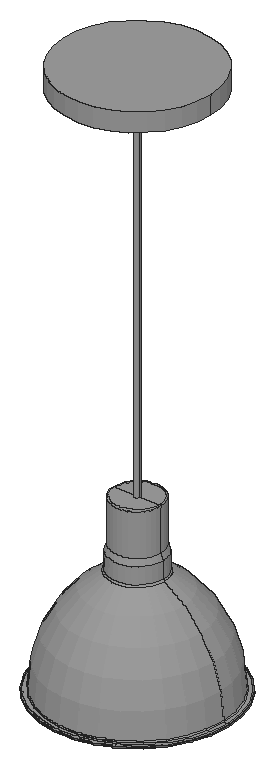
Revit family "Alcon-15240-10-Revit-Family", category Lighting Fixtures, host Ceiling, Revit 2025
Family settings
  Host = Ceiling
  Round Connector Dimension = Use Diameter
  Part Type = Normal
  Always vertical = Yes
  Cut with Voids When Loaded = No
  Light Source = Yes
  Maintain Annotation Orientation = No
  Shared = No
  Room Calculation Point = No
Parameters
  Wattage = 9.2903 W
  built-in parameter 1150110 = 1 (stored number, unit not read)
  URL = "https://www.alconlighting.com/?srsltid=AfmBOooDPhGQ0dEP-X2PMtxFfvvWpIAEL4jCll_O2F4_to5onvhnBomy"
  built-in parameter 1114217 = 1 (stored number, unit not read)
  Tilt Angle = 90.00°
  built-in parameter 1150109 = 1 (stored number, unit not read)
  built-in parameter 1150134 = 3
  built-in parameter 1150113 = 1 (stored number, unit not read)
  built-in parameter 1010507 = 1.5708 (stored number, unit not read)
  built-in parameter 1010506 = 0.5236 (stored number, unit not read)
  Product Page = "https://www.alconlighting.com/15240-10.html"
  Model = "15240-10"
  Manufacturer = "Alcon Lighting"
  built-in parameter 1150105 = 4614.1 (stored number, unit not read)
  Lumens = 1380 lm
  built-in parameter 1150115 = 1 (stored number, unit not read)
  Light Source Symbol Length = 10' - 0"
  built-in parameter 1150137 = (empty or 0)
  built-in parameter 1150139 = (empty or 0)
  built-in parameter 1150112 = 1 (stored number, unit not read)
  built-in parameter 1150114 = 1 (stored number, unit not read)
  built-in parameter 1150132 = (empty or 0)
  built-in parameter 1150102 = (empty or 0)
  built-in parameter 1150107 = 3200 (stored number, unit not read)
  built-in parameter 1150138 = (empty or 0)
  built-in parameter 1150106 = 46.141 (stored number, unit not read)
  built-in parameter 1150104 = 13.8 (stored number, unit not read)
  Dimming Lamp Color Temperature Shift = (empty or 0)
  Default Elevation = 0' - 0"
  Cord Length = 1' - 8"
  Color Filter = 16777215
  Body = Default
  built-in parameter 1114218 = 1 (stored number, unit not read)
  built-in parameter 1150133 = 10 (stored number, unit not read)
Reference planes (in)
  plane 1 "Center (Front/Back)": y = 0
  plane 2 "Ceiling": z = 96
  plane 3 "Center (Left/Right)": x = 0
Forms (in)
  Extrusion 1, solid, material "Default" <- "Body"
    sketch origin (0, 0, 96) x (1, 0, 0) y (0, 1, 0)
      loop
        circle (0, 0) r 4
    from 0 to -1
  Extrusion 2, solid, material "Default" <- "Body"
    sketch origin (0, 0, 95) x (0, 1, 0) y (1, 0, 0)
      loop
        circle (0, 0) r 0.16002
    from 0 to 20
  Revolve 3, solid, material "Default" <- "Body"
    sketch origin (0, 0, 0) x (1, 0, 0) y (0, 0, 1)
      loop
        line (0.00088, 75) -> (0.00088, 74.56633) -> (1.22911, 74.56633)
        arc (1.22911, 74.56633) -> (1.26387, 74.55193) -> (1.27827, 74.51716) r 0.04917
        line (1.27827, 74.51716) -> (1.27827, 72.66035) -> (1.39411, 72.32395) -> (1.40924, 71.45661)
        arc (1.40924, 71.45661) -> (1.43346, 71.36846) -> (1.49707, 71.30279) r 0.18429
        arc (1.49707, 71.30279) -> (3.82246, 68.87957) -> (4.66711, 65.62903) r 6.64986
        arc (4.66711, 65.62903) -> (4.68865, 65.57691) -> (4.74074, 65.55532) r 0.07364
        line (4.74074, 65.55532) -> (4.92375, 65.55532)
        arc (4.92375, 65.55532) -> (4.95173, 65.54373) -> (4.96331, 65.51576) r 0.03956
        line (4.96331, 65.51576) -> (4.96331, 65.47731)
        arc (4.96331, 65.47731) -> (4.95205, 65.45012) -> (4.92487, 65.43886) r 0.03844
        line (4.92487, 65.43886) -> (4.85924, 65.43886) -> (4.85924, 65.40761) -> (4.91115, 65.40761)
        arc (4.91115, 65.40761) -> (4.97013, 65.43205) -> (4.99456, 65.49103) r 0.08342
        line (4.99456, 65.49103) -> (4.99456, 65.53748)
        arc (4.99456, 65.53748) -> (4.98019, 65.57219) -> (4.94548, 65.58657) r 0.04908
        line (4.94548, 65.58657) -> (4.73592, 65.58657)
        arc (4.73592, 65.58657) -> (4.70933, 65.59759) -> (4.69835, 65.6242) r 0.03757
        arc (4.69835, 65.6242) -> (3.84903, 68.89607) -> (1.50687, 71.33343) r 6.68111
        arc (1.50687, 71.33343) -> (1.4589, 71.38288) -> (1.44063, 71.44931) r 0.13872
        line (1.44063, 71.44931) -> (1.42526, 72.32944) -> (1.30952, 72.66558) -> (1.30952, 74.93928)
        arc (1.30952, 74.93928) -> (1.29174, 74.98221) -> (1.2488, 75) r 0.06072
        line (1.2488, 75) -> (0.00088, 75)
      axis (0.00088, 75) -> (0.00088, 65.40761)
    angle from 0 to 360
Dimensions and locks (in)
  equal spacing: host sketch curve, plane 3 "Center (Left/Right)", host sketch curve
  equal spacing: host sketch curve, plane 1 "Center (Front/Back)", host sketch curve
  host sketch curve to host sketch curve = 10' - 0"  (x2)
  "Cord Length": Extrusion 2 to Extrusion 2
  aligned and locked: Extrusion 2 to Extrusion 1
  aligned and locked: Extrusion 2 to Revolve 3 sketch curve
  aligned and locked: imposter light to Revolve 3
Automatic sketch dimensions
  plane 1 "Center (Front/Back)" to Extrusion 1 sketch curve = 0' - 0"
  Extrusion 1 sketch curve to plane 3 "Center (Left/Right)" = 0' - 0"
  Revolve 3 sketch curve to Revolve 3 sketch curve = 0' - 0"  (x5)
  Revolve 3 sketch curve to plane 3 "Center (Left/Right)" = 0' - 1.98275"
  Revolve 3 sketch curve to Revolve 3 sketch curve = 0' - 1.98363"
  Revolve 3 sketch curve to Revolve 3 sketch curve = 0' - 1.22823"
  Revolve 3 sketch curve to Revolve 3 sketch curve = 0' - 0.01969"
  Revolve 3 sketch curve to Revolve 3 sketch curve = 0' - 0.04917"
  Revolve 3 sketch curve to Revolve 3 sketch curve = 0' - 0 1/32"  (x3)
  Revolve 3 sketch curve to Revolve 3 sketch curve = 0' - 0.08458"
  Revolve 3 sketch curve to Revolve 3 sketch curve = 0' - 0.01514"
  Revolve 3 sketch curve to Revolve 3 sketch curve = 0' - 0.03116"
  Revolve 3 sketch curve to Revolve 3 sketch curve = 0' - 0.03138"
  Revolve 3 sketch curve to Revolve 3 sketch curve = 0' - 0.1387"
  Revolve 3 sketch curve to Revolve 3 sketch curve = 0' - 0.01417"
  Revolve 3 sketch curve to Revolve 3 sketch curve = 0' - 3.15659"
  Revolve 3 sketch curve to Revolve 3 sketch curve = 0' - 0.00482"  (x2)
  Revolve 3 sketch curve to Revolve 3 sketch curve = 0' - 0.11849"
  Revolve 3 sketch curve to Revolve 3 sketch curve = 0' - 0.05191"
  Revolve 3 sketch curve to Revolve 3 sketch curve = 0' - 0.01261"
  Revolve 3 sketch curve to Revolve 3 sketch curve = 0' - 0.01372"  (x2)
  Revolve 3 sketch curve to Revolve 3 sketch curve = 0' - 0.02173"
  Revolve 3 sketch curve to Revolve 3 sketch curve = 0' - 0.01783"
  Revolve 3 sketch curve to Revolve 3 sketch curve = 0' - 0.43367"
  Revolve 3 sketch curve to Revolve 3 sketch curve = 0' - 1.85159"
  Revolve 3 sketch curve to Revolve 3 sketch curve = 0' - 0.00523"
  Revolve 3 sketch curve to Revolve 3 sketch curve = 0' - 0.33614"
  Revolve 3 sketch curve to Revolve 3 sketch curve = 0' - 0.00549"
  Revolve 3 sketch curve to Revolve 3 sketch curve = 0' - 0.86961"
  Revolve 3 sketch curve to Revolve 3 sketch curve = 0' - 0.00322"
  Revolve 3 sketch curve to Revolve 3 sketch curve = 0' - 0.0081"
  Revolve 3 sketch curve to Revolve 3 sketch curve = 0' - 0.0073"
  Revolve 3 sketch curve to Revolve 3 sketch curve = 0' - 5.82053"
  Revolve 3 sketch curve to Revolve 3 sketch curve = 0' - 5.67383"
  Revolve 3 sketch curve to Revolve 3 sketch curve = 0' - 0.04239"
  Revolve 3 sketch curve to Revolve 3 sketch curve = 0' - 0.02473"
  Revolve 3 sketch curve to Revolve 3 sketch curve = 0' - 0.06281"
  Revolve 3 sketch curve to Revolve 3 sketch curve = 0' - 0.02461"
  radius of Extrusion 1 sketch curve = 0' - 4"
  radius of Extrusion 2 sketch curve to Extrusion 1 = 0' - 3.83998"
